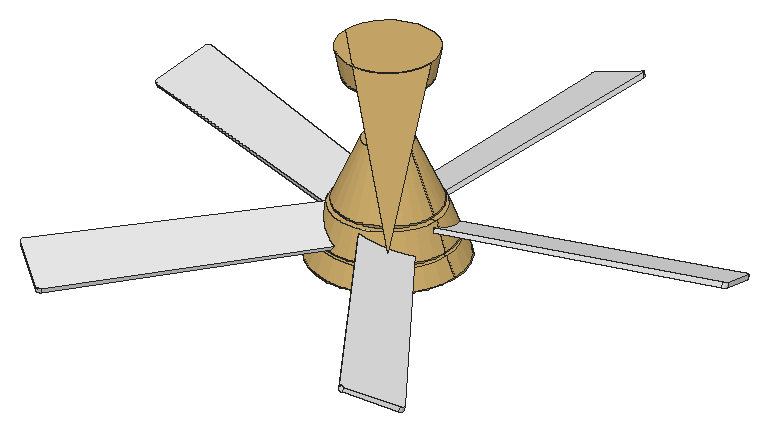
Revit family "3-115-xx Temple Fan e", category Generic Models, host Ceiling, Revit 2020
Family settings
  Host = Ceiling
  Can host rebar = No
  Round Connector Dimension = Use Diameter
  Part Type = Normal
  Always vertical = Yes
  Cut with Voids When Loaded = No
  Shared = No
  Room Calculation Point = No
Parameters (values of type "3-115-640 / Aged Brass - White Blades")
  Voltage input = "120 V or 277 V - 50/60 Hz"  # constant formula
  Voltage = 120 V
  URL = "www.oxygenlighting.ocm"
  References = "Ref. 3 = 120 V / Ref. 37 = 277 V"  # constant formula
  Model = "3-115-xx Temple Fan"  # constant formula
  Metal Finish = 40 - Aged Brass
  Manufacturer = "Oxygen - Lighting & Fans"  # constant formula
  Main Diffuser = Matte White Acrylic
  Default Elevation = 0 mm
  Blade Finish = 6 - White
Types (3, lengths in mm): name | Metal Finish | Blade Finish
  3-115-15 / Black - Weathered Gray blades | 15 - Black | Weathered Gray Blades
  3-115-24 / Satin Nickel - Weathered Gray blades | 24 - Satin Nickel | Weathered Gray Blades
  3-115-640 / Aged Brass - White Blades | 40 - Aged Brass | 6 - White
Reference planes
  plane 1 "Center (Front/Back)": y = 0
  plane 2: z = 0
  plane 3 "Center (Left/Right)": x = 0
  plane 4 "Ceiling": z = 4000
Dimensions and locks
  equal spacing: host sketch curve, plane 3 "Center (Left/Right)", host sketch curve
  equal spacing: host sketch curve, plane 1 "Center (Front/Back)", host sketch curve
  host sketch curve to host sketch curve = 4000 mm  (x2)
  plane 4 "Ceiling" to host ceiling = 0 mm
  aligned and locked: plane 4 "Ceiling" to nested 1
  aligned and locked: plane 3 "Center (Left/Right)" to nested 1
  aligned and locked: plane 1 "Center (Front/Back)" to nested 1
Nested families
  nested 1: "Family5" at (0, 0, 3999.7), type "Family5"
Connectors
  electrical at (0, 0, 4000), driven by "Voltage"
    settings: on nested 1, index 1, voltage 120 V, apparent load 0 VA, apparent load phase1 0 VA, apparent load phase2 0 VA, apparent load phase3 0 VA, power factor 1, load classification "Other", number of poles 1, system type 31, power factor state 1, is connector primary yes, connector utility no, sub classification motor no, connector description ""
Definition of nested family "Family5"
  Parameters
    Metal Finish = none
    Main Diffuser = none
    Default Elevation = 0 mm
    Blade Finish = none
  Reference planes
    plane 1 "Center (Front/Back)": y = 0
    plane 2: z = 0
    plane 3 "Center (Left/Right)": x = 0
  Forms (mm)
    Revolve 1, solid, material <- "Metal Finish"
      sketch origin (0, 0, 0) x (1, 0, 0) y (0, 0, 1)
        loop
          line (-0.033, 0.3) -> (-82.289, 0.3) -> (-72.697, -46.728)
          arc (-72.697, -46.728) -> (-71.99, -48.325) -> (-70.681, -49.48) r 4.082
          line (-70.681, -49.48) -> (-42.502, -56.024) -> (-34.222, -56.024) -> (-34.222, -58.428)
          arc (-34.222, -58.428) -> (-33.869, -59.476) -> (-32.953, -60.097) r 1.733
          line (-32.953, -60.097) -> (-10.517, -60.097) -> (-10.517, -158.389) -> (-41.596, -158.389) -> (-88.109, -264.295)
          arc (-88.109, -264.295) -> (-88.193, -265.389) -> (-87.575, -266.297) r 1.659
          line (-87.575, -266.297) -> (-62.575, -266.297) -> (-62.575, -267.365) -> (-72.016, -267.365) -> (-72.016, -270.37) -> (-94.113, -270.37) -> (-112.085, -318.689)
          arc (-112.085, -318.689) -> (-111.936, -319.848) -> (-110.898, -320.384) r 1.257
          line (-110.898, -320.384) -> (-65.806, -320.384) -> (-65.806, -324.391) -> (-114.552, -324.391) -> (-129.37, -357.817)
          arc (-129.37, -357.817) -> (-129.264, -358.908) -> (-128.275, -359.381) r 1.115
          line (-128.275, -359.381) -> (-0.033, -359.381) -> (-0.033, 0.3)
        axis (0, 0.3) -> (0, -359.381)
      angle from 0 to 360
    Revolve 2, solid, material <- "Main Diffuser"
      sketch origin (0, 0, 0) x (1, 0, 0) y (0, 0, 1)
        loop
          line (-107.941, -359.381) -> (-107.941, -360.735)
          arc (-107.941, -360.735) -> (-107.465, -362.091) -> (-106.247, -362.853) r 2.171
          arc (-106.247, -362.853) -> (-54.015, -377.412) -> (0, -382.15) r 294.575
          line (0, -382.15) -> (0, -359.381) -> (-107.941, -359.381)
        axis (0, -359.381) -> (0, -382.15)
      angle from 0 to 360
  Dimensions and locks
    aligned and locked: level to plane 2
  Nested families
    nested 1: "Family6" at (0, 86.922, -300), type "Family6"
    nested 2: "Family6" at (82.691, 26.892, -300) x (0.309, -0.9511, 0) z (0, 0, 1), type "Family6"
    nested 3: "Family6" at (51.152, -70.302, -300) x (-0.809, -0.5878, 0) z (0, 0, 1), type "Family6"
    nested 4: "Family6" at (-51.031, -70.341, -300) x (-0.809, 0.5878, 0) z (0, 0, 1), type "Family6"
    nested 5: "Family6" at (-82.645, 26.829, -300) x (0.309, 0.9511, 0) z (0, 0, 1), type "Family6"
  Definition of nested family "Family6"
    Parameters (values of type "Family6")
      Default Elevation = 0 mm
      Blade Finish = none
    Reference planes
      plane 1 "Center (Front/Back)": y = 0
      plane 2: z = 0
      plane 3 "Center (Left/Right)": x = 0
    Forms (mm)
      Extrusion 1, solid, material <- "Blade Finish"
        sketch origin (-0.002, 0, 0.011) x (0.939693, 0, 0.34202) y (0, 1, 0)
          loop
            line (45.108, 3.808) -> (52.53, 472.886)
            arc (52.53, 472.886) -> (50.531, 477.71) -> (45.707, 479.709) r 6.822
            arc (45.707, 479.709) -> (0.033, 481.936) -> (-45.64, 479.709) r 469.431
            arc (-45.64, 479.709) -> (-50.53, 477.258) -> (-52.518, 472.163) r 7.619
            line (-52.518, 472.163) -> (-45.039, 3.673)
            arc (-45.039, 3.673) -> (-43.964, 1.076) -> (-41.367, 0) r 3.673
            line (-41.367, 0) -> (41.3, 0)
            arc (41.3, 0) -> (43.993, 1.115) -> (45.108, 3.808) r 3.808
        from 0 to 7.865
    Dimensions and locks
      aligned and locked: level to plane 2
